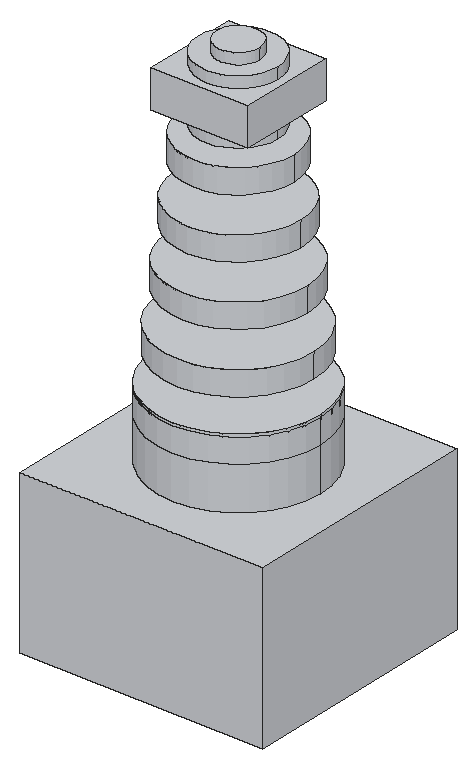
Revit family "GIS_Termination", category Equipamento elétrico, Revit 2027
Family settings
  Configuração do painel = Duas colunas, circuitos transversais
  Cota do conector redondo = Utilizar diâmetro
  Tipo de parte = Painel de controle
  Com base no plano de trabalho = Não
  Sempre na vertical = Sim
  Corte com vazios quando carregada = Não
  Manter orientação da anotação = Não
  Compartilhado = Não
  Ponto de cálculo do ambiente = Não
Parameters (values of type "GIS_TERMINATION_145KV_STUDY")
  Default Elevation = 0 mm
  built-in parameter 1140142 [instance] = (empty or 0)
  built-in parameter 1140140 [instance] = 1 (stored number, unit not read)
  BIM_TensaoSecundaria_kV = 0
  BIM_TensaoNominal_kV = 138
  BIM_TensaoClasse_kV = 145
  BIM_TensaoClasseSecundaria_kV = 0
  BIM_Sistema_Elemento [instance] = ""
  BIM_ReferenciaCatalogo = "Portfolio estimate; terminal type pending line/cable data"
  BIM_Profundidade = 900 mm
  BIM_Potencia_MVA = 0
  BIM_Localizacao [instance] = ""
  BIM_Largura = 900 mm
  BIM_Impedancia_pu = 0
  BIM_FonteGeometria = "Portfolio estimate; terminal type pending line/cable data"
  BIM_Fabricante = "NAO SELECIONADO"
  BIM_EstadoGeometria = "ESTIMATED"
  BIM_EstadoEspecificacao = "PREMISSA / NAO SELECIONADO"
  BIM_DescricaoEstudo = "Envelope de terminal de linha GIS, configuracao de conexao pendente."
  BIM_CorrenteReferenciaSecundaria_A = 0
  BIM_CorrenteNominal_A = 0
  BIM_Bay [instance] = ""
  BIM_AlturaCorpoPrincipal = 600 mm
  BIM_Altura = 2000 mm
  built-in parameter 1155100 [instance] = (empty or 0)
Reference planes
  plane 1 "Centro (Frente/Trás)": y = 0
  plane 2: z = 0
  plane 3 "Centro (Esquerda/Direita)": x = 0
  plane 4 "BIM Left": x = -450
  plane 5 "BIM Right": x = 450
  plane 6 "BIM Front": y = -450
  plane 7 "BIM Back": y = 450
Forms (mm)
  Extrusion 1, solid
    sketch origin (0, 0, 0) x (1, 0, 0) y (0, 1, 0)
      loop
        line (-450, -450) -> (450, -450) -> (450, 450) -> (-450, 450) -> (-450, -450)
    from 0 to 600 <- "BIM_AlturaCorpoPrincipal"
  Extrusion 2, solid
    sketch origin (0, 0, 200) x (1, 0, 0) y (0, 1, 0)
      loop
        line (-315, -315) -> (315, -315) -> (315, 315) -> (-315, 315) -> (-315, -315)
    from 0 to 280
  Extrusion 3, solid
    sketch origin (0, 0, 480) x (1, 0, 0) y (0, 1, 0)
      loop
        circle (0, 0) r 306
    from 0 to 380
  Extrusion 4, solid
    sketch origin (0, 0, 760) x (1, 0, 0) y (0, 1, 0)
      loop
        circle (0, 0) r 306
    from 0 to 90
  Extrusion 5, solid
    sketch origin (0, 0, 970) x (1, 0, 0) y (0, 1, 0)
      loop
        circle (0, 0) r 281.52
    from 0 to 90
  Extrusion 6, solid
    sketch origin (0, 0, 1180) x (1, 0, 0) y (0, 1, 0)
      loop
        circle (0, 0) r 257.04
    from 0 to 90
  Extrusion 7, solid
    sketch origin (0, 0, 1390) x (1, 0, 0) y (0, 1, 0)
      loop
        circle (0, 0) r 232.56
    from 0 to 90
  Extrusion 8, solid
    sketch origin (0, 0, 1600) x (1, 0, 0) y (0, 1, 0)
      loop
        circle (0, 0) r 208.08
    from 0 to 90
  Extrusion 9, solid
    sketch origin (0, 0, 1720) x (1, 0, 0) y (0, 1, 0)
      loop
        circle (0, 0) r 146.88
    from 0 to 240
  Extrusion 10, solid
    sketch origin (0, 0, 1960) x (1, 0, 0) y (0, 1, 0)
      loop
        circle (0, 0) r 79.56
    from 0 to 40
  Extrusion 11, solid
    sketch origin (0, 0, 1780) x (1, 0, 0) y (0, 1, 0)
      loop
        line (-180, -180) -> (180, -180) -> (180, 180) -> (-180, 180) -> (-180, -180)
    from 0 to 140
Dimensions and locks
  "BIM_Largura": plane 4 "BIM Left" to plane 5 "BIM Right"
  "BIM_Profundidade": plane 6 "BIM Front" to plane 7 "BIM Back"
  aligned and locked: level to plane 2
  aligned and locked: plane 4 "BIM Left" to Extrusion 1
  aligned and locked: Extrusion 1 to plane 5 "BIM Right"
  aligned and locked: Extrusion 1 to plane 6 "BIM Front"
  aligned and locked: plane 7 "BIM Back" to Extrusion 1
Automatic sketch dimensions
  Extrusion 1 sketch curve to plane 4 "BIM Left" = 0 mm
  Extrusion 1 sketch curve to plane 5 "BIM Right" = 0 mm
  Extrusion 1 sketch curve to plane 6 "BIM Front" = 0 mm
  Extrusion 1 sketch curve to plane 7 "BIM Back" = 0 mm
  Extrusion 2 sketch curve to plane 4 "BIM Left" = 135 mm
  plane 5 "BIM Right" to Extrusion 2 sketch curve = 135 mm
  plane 6 "BIM Front" to Extrusion 2 sketch curve = 135 mm
  Extrusion 2 sketch curve to plane 7 "BIM Back" = 135 mm
  Extrusion 3 sketch curve to Extrusion 3 sketch curve = 0 mm  (x2)
  plane 1 "Centro (Frente/Trás)" to Extrusion 3 sketch curve = 0 mm
  Extrusion 3 sketch curve to plane 3 "Centro (Esquerda/Direita)" = 0 mm
  Extrusion 3 sketch curve to plane 4 "BIM Left" = 144 mm
  Extrusion 4 sketch curve to Extrusion 4 sketch curve = 0 mm  (x2)
  plane 1 "Centro (Frente/Trás)" to Extrusion 4 sketch curve = 0 mm
  Extrusion 4 sketch curve to plane 3 "Centro (Esquerda/Direita)" = 0 mm
  Extrusion 4 sketch curve to plane 4 "BIM Left" = 144 mm
  Extrusion 5 sketch curve to Extrusion 5 sketch curve = 0 mm  (x2)
  plane 1 "Centro (Frente/Trás)" to Extrusion 5 sketch curve = 0 mm
  Extrusion 5 sketch curve to plane 3 "Centro (Esquerda/Direita)" = 0 mm
  Extrusion 5 sketch curve to plane 4 "BIM Left" = 168.48 mm
  Extrusion 6 sketch curve to Extrusion 6 sketch curve = 0 mm  (x2)
  plane 1 "Centro (Frente/Trás)" to Extrusion 6 sketch curve = 0 mm
  Extrusion 6 sketch curve to plane 3 "Centro (Esquerda/Direita)" = 0 mm
  Extrusion 6 sketch curve to plane 4 "BIM Left" = 192.96 mm
  Extrusion 7 sketch curve to Extrusion 7 sketch curve = 0 mm  (x2)
  plane 1 "Centro (Frente/Trás)" to Extrusion 7 sketch curve = 0 mm
  Extrusion 7 sketch curve to plane 3 "Centro (Esquerda/Direita)" = 0 mm
  Extrusion 7 sketch curve to plane 4 "BIM Left" = 217.44 mm
  Extrusion 8 sketch curve to Extrusion 8 sketch curve = 0 mm  (x2)
  plane 1 "Centro (Frente/Trás)" to Extrusion 8 sketch curve = 0 mm
  Extrusion 8 sketch curve to plane 3 "Centro (Esquerda/Direita)" = 0 mm
  Extrusion 8 sketch curve to plane 3 "Centro (Esquerda/Direita)" = 208.08 mm
  Extrusion 9 sketch curve to Extrusion 9 sketch curve = 0 mm  (x2)
  plane 1 "Centro (Frente/Trás)" to Extrusion 9 sketch curve = 0 mm
  Extrusion 9 sketch curve to plane 3 "Centro (Esquerda/Direita)" = 0 mm
  Extrusion 9 sketch curve to plane 3 "Centro (Esquerda/Direita)" = 146.88 mm
  Extrusion 10 sketch curve to Extrusion 10 sketch curve = 0 mm  (x2)
  plane 1 "Centro (Frente/Trás)" to Extrusion 10 sketch curve = 0 mm
  Extrusion 10 sketch curve to plane 3 "Centro (Esquerda/Direita)" = 0 mm
  Extrusion 10 sketch curve to plane 3 "Centro (Esquerda/Direita)" = 79.56 mm
  Extrusion 11 sketch curve to plane 3 "Centro (Esquerda/Direita)" = 180 mm
  plane 3 "Centro (Esquerda/Direita)" to Extrusion 11 sketch curve = 180 mm
  plane 1 "Centro (Frente/Trás)" to Extrusion 11 sketch curve = 180 mm
  Extrusion 11 sketch curve to plane 1 "Centro (Frente/Trás)" = 180 mm
Connectors
  electrical at (-450, 0, 300)
    settings: on Extrusion 1, index 1, voltage 138000 V, apparent load 0 VA, apparent load phase1 0 VA, apparent load phase2 0 VA, apparent load phase3 0 VA, power factor 1, load classification "Outro", number of poles 3, system type 6, power factor state 1, is connector primary yes, connector utility no, sub classification motor no, connector description "Interface A; study port; circuit assignment is project-specific."
  electrical at (450, 0, 300)
    settings: on Extrusion 1, index 2, voltage 138000 V, apparent load 0 VA, apparent load phase1 0 VA, apparent load phase2 0 VA, apparent load phase3 0 VA, power factor 1, load classification "Outro", number of poles 3, system type 6, power factor state 1, is connector primary no, connector utility no, sub classification motor no, connector description "Interface B; study port; circuit assignment is project-specific."
